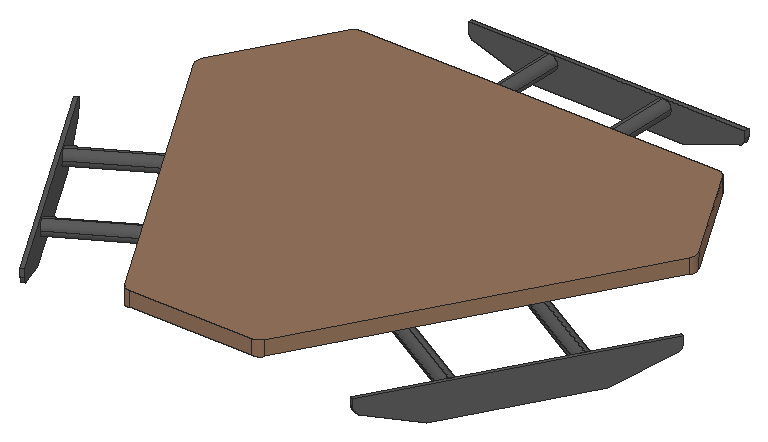
Revit family "PL91203", category Furniture, Revit 2020
Family settings
  OmniClass Number = 23.40.20.00
  OmniClass Title = General Furniture and Specialties
  Work Plane-Based = No
  Always vertical = Yes
  Cut with Voids When Loaded = No
  Shared = No
  Room Calculation Point = No
Parameters (values of type "PL91203")
  Width = 800 mm
  URL = "https://www.sandlerseating.com/product/pl91203/"
  Top Finish = Wood - Solid Walnut
  Model = "PL91203"
  Manufacturer = "Sandler"
  Frame Finish = Epoxy - M1_B00 - Black
  Elevation = 420 mm
  Description = "Plania connecting Top (3 ways 120°)"
  Depth = 690 mm
  Default Elevation = 0 mm
Reference planes
  plane 1 "Center (Front/Back)": y = 0
  plane 2: z = 0
  plane 3 "Center (Left/Right)": x = 0
  plane 4 "Right": x = -400
  plane 5 "Left": x = 400
  plane 6 "Back": y = 345
  plane 7 "Front": y = -345
  plane 8 "Elevation": z = 420
  plane 9 "Top Thickness": z = 401
Forms (mm)
  Extrusion 1, solid, material "Epoxy - M1_B00 - Black" <- "Frame Finish"
    sketch origin (93.405, 345, 209) x (-1, 0, 0) y (0, 0, -1)
      loop
        line (-87.162, -192) -> (273.838, -192) -> (273.838, -181.893)
        arc (273.838, -181.893) -> (271.953, -176.05) -> (267.011, -172.41) r 10
        line (267.011, -172.41) -> (193.047, -147.662) -> (-5.371, -147.662) -> (-80.335, -172.744)
        arc (-80.335, -172.744) -> (-85.278, -176.385) -> (-87.162, -182.228) r 10
        line (-87.162, -182.228) -> (-87.162, -192)
    from 0 to 5
  Extrusion 2, solid, material "Epoxy - M1_B00 - Black" <- "Frame Finish"
    sketch origin (-353.76, -107.85, 209) x (0.5, -0.866025, 0) y (0, 0, -1)
      loop
        line (-87.162, -192) -> (273.838, -192) -> (273.838, -181.893)
        arc (273.838, -181.893) -> (271.953, -176.05) -> (267.011, -172.41) r 10
        line (267.011, -172.41) -> (193.047, -147.662) -> (-5.371, -147.662) -> (-80.335, -172.744)
        arc (-80.335, -172.744) -> (-85.278, -176.385) -> (-87.162, -182.228) r 10
        line (-87.162, -182.228) -> (-87.162, -192)
    from 0 to 5
  Extrusion 3, solid, material "Epoxy - M1_B00 - Black" <- "Frame Finish"
    sketch origin (353.76, -107.85, 209) x (-0.5, -0.866025, 0) y (0, 0, 1)
      loop
        line (-87.162, 192) -> (-87.162, 182.228)
        arc (-87.162, 182.228) -> (-85.278, 176.385) -> (-80.335, 172.744) r 10
        line (-80.335, 172.744) -> (-5.371, 147.662) -> (193.047, 147.662) -> (267.011, 172.41)
        arc (267.011, 172.41) -> (271.953, 176.05) -> (273.838, 181.893) r 10
        line (273.838, 181.893) -> (273.838, 192) -> (-87.162, 192)
    from 0 to 5
  Sweep 4, solid, material "Epoxy - M1_B00 - Black" <- "Frame Finish"
    path in 3D
      loop
        line (-340.104, -121.503, 401) -> (-119, 6.152, 401)
        arc (-119, 6.152, 401) -> (-86.058, 39.094, 401) -> (-74, 84.094, 401) r 90
        line (-74, 84.094, 401) -> (-74, 339.409, 401)
    profile "Pro_Circles : 20mm" origin (-229.552, -57.675, 401) x (-0.5, 0.866025, 0) y (0, 0, 1)
      loop
        arc (-9.967, -9.933) -> (-7.115, -17.02) -> (-0.067, -19.967) r 9.901
        arc (-0.067, -19.967) -> (7.068, -17.068) -> (9.967, -9.933) r 9.901
        arc (9.967, -9.933) -> (7.02, -2.885) -> (-0.067, -0.033) r 9.901
        arc (-0.067, -0.033) -> (-7.067, -2.933) -> (-9.967, -9.933) r 9.9
  Sweep 5, solid, material "Epoxy - M1_B00 - Black" <- "Frame Finish"
    path in 3D
      loop
        line (340.104, -121.503, 401) -> (119, 6.152, 401)
        arc (119, 6.152, 401) -> (86.058, 39.094, 401) -> (74, 84.094, 401) r 90
        line (74, 84.094, 401) -> (74, 339.409, 401)
    profile "Pro_Circles : 20mm" origin (229.552, -57.675, 401) x (-0.5, -0.866025, 0) y (0, 0, 1)
      loop
        arc (-9.967, -9.933) -> (-7.115, -17.02) -> (-0.067, -19.967) r 9.901
        arc (-0.067, -19.967) -> (7.068, -17.068) -> (9.967, -9.933) r 9.901
        arc (9.967, -9.933) -> (7.02, -2.885) -> (-0.067, -0.033) r 9.901
        arc (-0.067, -0.033) -> (-7.067, -2.933) -> (-9.967, -9.933) r 9.9
  Sweep 6, solid, material "Epoxy - M1_B00 - Black" <- "Frame Finish"
    path in 3D
      loop
        line (-266.104, -249.641, 401) -> (-45, -121.987, 401)
        arc (-45, -121.987, 401) -> (0, -109.929, 401) -> (45, -121.987, 401) r 90
        line (45, -121.987, 401) -> (266.109, -249.644, 401)
    profile "Pro_Circles : 20mm" origin (-155.552, -185.814, 401) x (-0.5, 0.866025, 0) y (0, 0, 1)
      loop
        arc (-9.967, -9.933) -> (-7.115, -17.02) -> (-0.067, -19.967) r 9.901
        arc (-0.067, -19.967) -> (7.068, -17.068) -> (9.967, -9.933) r 9.901
        arc (9.967, -9.933) -> (7.02, -2.885) -> (-0.067, -0.033) r 9.901
        arc (-0.067, -0.033) -> (-7.067, -2.933) -> (-9.967, -9.933) r 9.9
  Extrusion 7, solid, material "Wood - Solid Walnut" <- "Top Finish"
    sketch origin (0, 0, 401) x (-1, 0, 0) y (0, -1, 0)
      loop
        arc (230.521, -231.563) -> (238.021, -229.553) -> (243.511, -224.063) r 15
        line (243.511, -224.063) -> (323.052, -86.294)
        arc (323.052, -86.294) -> (325.062, -78.81) -> (323.069, -71.322) r 15
        line (323.069, -71.322) -> (91.601, 331.652)
        arc (91.601, 331.652) -> (86.651, 336.619) -> (79.878, 338.437) r 13.519
        line (79.878, 338.437) -> (-79.889, 338.437)
        arc (-79.889, 338.437) -> (-86.652, 336.621) -> (-91.596, 331.661) r 13.5
        line (-91.596, 331.661) -> (-323.069, -71.322)
        arc (-323.069, -71.322) -> (-325.062, -78.81) -> (-323.052, -86.294) r 15
        line (-323.052, -86.294) -> (-243.511, -224.063)
        arc (-243.511, -224.063) -> (-238.021, -229.553) -> (-230.521, -231.563) r 15
        line (-230.521, -231.563) -> (230.521, -231.563)
    from 0 to 19
Lines and regions (mm)
  sketch lines
    curve 1: line (-340.104, -121.503, 401) -> (-119, 6.152, 401)
    curve 2: arc (-119, 6.152, 401) -> (-86.058, 39.094, 401) -> (-74, 84.094, 401) r 90
    curve 3: line (-74, 339.409, 401) -> (-74, 84.094, 401)
    curve 4: line (340.104, -121.503, 401) -> (119, 6.152, 401)
    curve 5: arc (119, 6.152, 401) -> (86.058, 39.094, 401) -> (74, 84.094, 401) r 90
    curve 6: line (74, 339.409, 401) -> (74, 84.094, 401)
    curve 7: line (-266.104, -249.641, 401) -> (-45, -121.987, 401)
    curve 8: arc (-45, -121.987, 401) -> (0, -109.929, 401) -> (45, -121.987, 401) r 90
    curve 9: line (266.109, -249.644, 401) -> (45, -121.987, 401)
Dimensions and locks
  equal spacing: plane 4 "Right", plane 3 "Center (Left/Right)", plane 5 "Left"
  "Width": plane 4 "Right" to plane 5 "Left"
  equal spacing: plane 6 "Back", plane 1 "Center (Front/Back)", plane 7 "Front"
  "Depth": plane 6 "Back" to plane 7 "Front"
  "Elevation": plane 8 "Elevation" to level
  plane 9 "Top Thickness" to level = 401 mm
  plane 8 "Elevation" to plane 9 "Top Thickness" = 19 mm
  aligned and locked: level to plane 2
  aligned and locked: Extrusion 7 to plane 9 "Top Thickness"
  aligned and locked: plane 8 "Elevation" to Extrusion 7
Automatic sketch dimensions
  Extrusion 1 sketch curve to plane 9 "Top Thickness" = 9.772 mm
  plane 3 "Center (Left/Right)" to Extrusion 1 sketch curve = 180.567 mm
  Extrusion 1 sketch curve to plane 9 "Top Thickness" = 19.256 mm
  Extrusion 1 sketch curve to Extrusion 1 sketch curve = 6.827 mm
  Extrusion 1 sketch curve to plane 9 "Top Thickness" = 44.338 mm
  Extrusion 1 sketch curve to Extrusion 1 sketch curve = 74.964 mm
  Extrusion 1 sketch curve to plane 3 "Center (Left/Right)" = 99.642 mm
  Extrusion 1 sketch curve to plane 9 "Top Thickness" = 10.107 mm
  Extrusion 1 sketch curve to Extrusion 1 sketch curve = 70.791 mm
  Extrusion 1 sketch curve to plane 9 "Top Thickness" = 19.59 mm
  Extrusion 1 sketch curve to Extrusion 1 sketch curve = 3.173 mm
  Extrusion 1 sketch curve to plane 9 "Top Thickness" = 0 mm
  Extrusion 2 sketch curve to plane 9 "Top Thickness" = 9.772 mm
  Extrusion 2 sketch curve to plane 9 "Top Thickness" = 19.256 mm
  Extrusion 2 sketch curve to Extrusion 2 sketch curve = 6.827 mm
  Extrusion 2 sketch curve to plane 9 "Top Thickness" = 44.338 mm
  Extrusion 2 sketch curve to Extrusion 2 sketch curve = 74.964 mm
  Extrusion 2 sketch curve to Extrusion 2 sketch curve = 198.418 mm
  Extrusion 2 sketch curve to plane 9 "Top Thickness" = 10.107 mm
  Extrusion 2 sketch curve to Extrusion 2 sketch curve = 70.791 mm
  Extrusion 2 sketch curve to plane 9 "Top Thickness" = 19.59 mm
  Extrusion 2 sketch curve to Extrusion 2 sketch curve = 3.173 mm
  Extrusion 2 sketch curve to plane 9 "Top Thickness" = 0 mm
  Extrusion 3 sketch curve to plane 9 "Top Thickness" = 9.772 mm
  Extrusion 3 sketch curve to plane 9 "Top Thickness" = 19.256 mm
  Extrusion 3 sketch curve to Extrusion 3 sketch curve = 6.827 mm
  Extrusion 3 sketch curve to plane 9 "Top Thickness" = 44.338 mm
  Extrusion 3 sketch curve to Extrusion 3 sketch curve = 74.964 mm
  Extrusion 3 sketch curve to Extrusion 3 sketch curve = 198.418 mm
  Extrusion 3 sketch curve to plane 9 "Top Thickness" = 10.107 mm
  Extrusion 3 sketch curve to Extrusion 3 sketch curve = 70.791 mm
  Extrusion 3 sketch curve to plane 9 "Top Thickness" = 19.59 mm
  Extrusion 3 sketch curve to Extrusion 3 sketch curve = 3.173 mm
  Extrusion 3 sketch curve to plane 9 "Top Thickness" = 0 mm
  plane 5 "Left" to Extrusion 7 sketch curve = 76.931 mm
  Extrusion 7 sketch curve to Extrusion 7 sketch curve = 0.017 mm  (x2)
  Extrusion 7 sketch curve to Extrusion 7 sketch curve = 12.99 mm  (x4)
  plane 5 "Left" to Extrusion 7 sketch curve = 156.489 mm
  plane 7 "Front" to Extrusion 7 sketch curve = 13.339 mm
  plane 3 "Center (Left/Right)" to Extrusion 7 sketch curve = 91.596 mm
  Extrusion 7 sketch curve to Extrusion 7 sketch curve = 11.706 mm
  plane 7 "Front" to Extrusion 7 sketch curve = 6.563 mm
  Extrusion 7 sketch curve to plane 3 "Center (Left/Right)" = 79.878 mm
  plane 7 "Front" to Extrusion 7 sketch curve = 13.348 mm
  Extrusion 7 sketch curve to Extrusion 7 sketch curve = 11.723 mm
  Extrusion 7 sketch curve to plane 4 "Right" = 169.479 mm
  Extrusion 7 sketch curve to plane 4 "Right" = 89.938 mm
  Extrusion 7 sketch curve to plane 1 "Center (Front/Back)" = 71.322 mm  (x2)
  Extrusion 7 sketch curve to Extrusion 7 sketch curve = 7.471 mm  (x2)
  Extrusion 7 sketch curve to plane 6 "Back" = 128.437 mm  (x2)
  Extrusion 7 sketch curve to Extrusion 7 sketch curve = 7.5 mm
